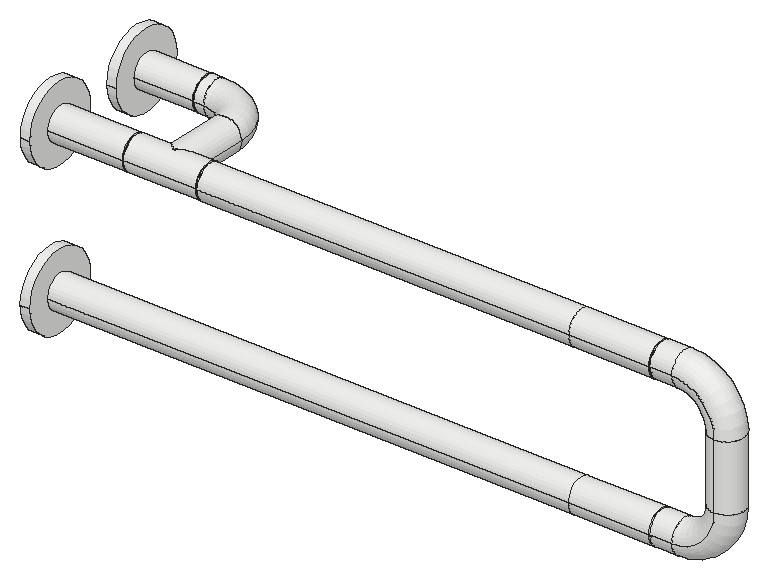
Revit family "White Handicap Grab Bar Tube Coated_IN", category Generic Models, Revit 2017
Family settings
  Can host rebar = No
  Round Connector Dimension = Use Diameter
  Part Type = Normal
  Work Plane-Based = Yes
  Always vertical = No
  Cut with Voids When Loaded = Yes
  Shared = No
  Room Calculation Point = No
Parameters
  Website = "https://dolphy.in/"  # constant formula
  Model = "DHGB0003"  # constant formula
  Default Elevation = 1219.2 mm
  Contact number = "+91 9520202035"  # constant formula
  Contact email = "info@dolphy.in"  # constant formula
  Company name = "Dolphy India"  # constant formula
Reference planes
  plane 1 "Center (Front/Back)": y = 0
  plane 2: z = 0
  plane 3 "Center (Left/Right)": x = 0
  plane 4: x = 0
Forms (mm)
  Sweep 1, solid, material "Nylon"
    path origin (0, -54.754, 200) x (-1, 0, 0) y (0, 0, -1)
      loop
        line (0, 160) -> (-565, 160) -> (-675, 160)
        arc (-675, 160) -> (-706.82, 146.82) -> (-720, 115) r 45
        line (-720, 115) -> (-720, 45)
        arc (-720, 45) -> (-706.82, 13.18) -> (-675, 0) r 45
        line (-675, 0) -> (-565, 0) -> (0, 0)
    profile origin (282.5, -54.754, 40) x (0, 0, 1) y (0, -1, 0)
      loop
        circle (0, 0) r 17.5
  Sweep 2, solid, material "Nylon"
    path origin (737.275, -423.504, 0) x (0, 1, 0) y (-1, 0, 0)
      loop
        line (368.504, 607.396) -> (438.504, 607.396)
        arc (438.504, 607.396) -> (470.324, 620.576) -> (483.504, 652.396) r 45
        line (483.504, 652.396) -> (483.504, 737.275)
    profile origin (129.879, -20, 0) x (-1, 0, 0) y (0, 0, 1)
      loop
        circle (0, 200) r 17.5
  Extrusion 3, solid, material "Nylon"
    sketch origin (737.275, -423.504, 22.5) x (0, 1, 0) y (0, 0, 1)
      loop
        circle (368.504, 177.5) r 40
    from -737.275 to -727
  Extrusion 4, solid, material "Nylon"
    sketch origin (737.275, -423.504, -137.5) x (0, 1, 0) y (0, 0, 1)
      loop
        circle (368.504, 177.5) r 40
    from -737.275 to -727
  Extrusion 5, solid, material "Nylon"
    sketch origin (737.275, -308.504, 22.5) x (0, 1, 0) y (0, 0, 1)
      loop
        circle (368.504, 177.5) r 40
    from -737.275 to -727
  Sweep 6, void
    path origin (737.275, -423.504, 22.5) x (0, 1, 0) y (0, 0, 1)
      loop
        circle (368.504, 177.5) r 17.254
    profile origin (737.275, -55, 217.254) x (0, 0, -1) y (1, 0, 0)
      loop
        circle (0, -646.133) r 0.781
  Sweep 7, void
    path origin (812.275, -423.504, 22.5) x (0, 1, 0) y (0, 0, 1)
      loop
        circle (368.504, 177.5) r 17.254
    profile origin (812.275, -55, 217.254) x (0, 0, -1) y (1, 0, 0)
      loop
        circle (0, -643.008) r 0.781
  Sweep 8, void
    path origin (717.275, -308.504, 22.5) x (0, 1, 0) y (0, 0, 1)
      loop
        circle (368.504, 177.5) r 17.254
    profile origin (717.275, 60, 217.254) x (0, 0, -1) y (1, 0, 0)
      loop
        circle (0, -643.008) r 0.781
  Sweep 9, void
    path origin (1297.275, -423.504, 22.5) x (0, 1, 0) y (0, 0, 1)
      loop
        circle (368.504, 177.5) r 17.254
    profile origin (1297.275, -55, 217.254) x (0, 0, -1) y (1, 0, 0)
      loop
        circle (0, -646.133) r 0.781
  Sweep 10, void
    path origin (1294.178, -423.824, -137.624) x (0, 1, 0) y (0, 0, 1)
      loop
        circle (368.504, 177.5) r 17.254
    profile origin (1294.178, -55.321, 57.13) x (0, 0, -1) y (1, 0, 0)
      loop
        circle (0, -643.008) r 0.781
Cuts and joins
  Sweep 6, Sweep 7, Sweep 8, Sweep 9, Sweep 10 cuts Sweep 1
  Sweep 8, Sweep 9, Sweep 10 cuts Extrusion 4
  joined: Sweep 1, Extrusion 4
  Sweep 8, Sweep 10 cuts Sweep 2
  Sweep 10 cuts Extrusion 3
  Sweep 10 cuts Extrusion 5
  joined: Sweep 2, Extrusion 3, Extrusion 5
Dimensions and locks
  aligned and locked: level to plane 2
